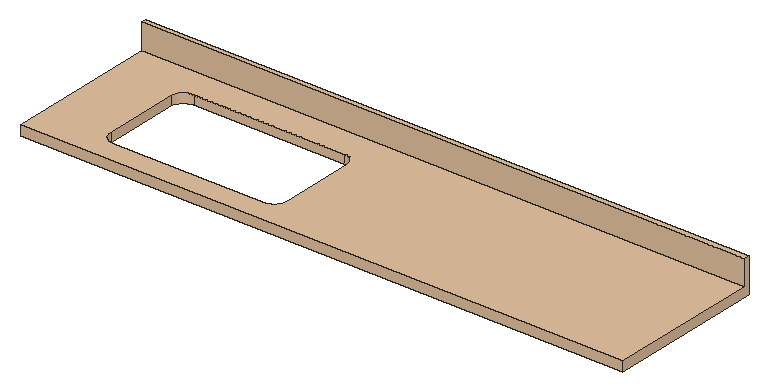
Revit family "394d2dc9d82849f6b33a607aba954b29", category Casework, Revit 2021
Family settings
  OmniClass Number = 23.40.35.17.47.11
  OmniClass Title = Kitchen Casework
  Seek Item ID = Counter Top w Sink Hole-0000-USA-ENU
  Work Plane-Based = No
  Always vertical = Yes
  Cut with Voids When Loaded = No
  Shared = Yes
  Room Calculation Point = No
Parameters (values of type "24" Depth")
  Default Elevation = 0' - 0"
  Assembly Code = "C1030400"
  Counter Thickness = 0' - 1 1/2"
  Counter Top Material = none
  Depth = 2' - 1"
  Height = 3' - 0"
  Length [instance] = 8' - 0"
  Sink Location [instance] = 2' - 0"
  Sink Location To Wall [instance] = 0' - 6"
  Sink Opening Depth [instance] = 1' - 3"
  Sink Opening Width [instance] = 2' - 3"
Reference planes (in)
  plane 1 "Back": y = 0
  plane 2: z = 0
  plane 3 "Left": x = -47.2623
  plane 4 "Right": x = 48.7377
  plane 5 "Front": y = -25
  plane 6 "Top": z = 36
  plane 7 "Top Of Cabinet": z = 34.5
  plane 8: y = -0.75
  plane 9: z = 40
  plane 10: x = -23.2623
  plane 11: y = -6
  plane 12: x = -9.7623
  plane 13: y = -21
  plane 14: x = -36.7623
  plane 15: y = -5.5
  plane 16: x = -9.2623
  plane 17: y = -21.5
  plane 18: x = -37.2623
Forms (in)
  Extrusion 1, solid, material <- "Counter Top Material"
    sketch origin (0, 0, 0) x (1, 0, 0) y (0, 1, 0)
      loop
        line (-47.2623, 0) -> (-47.2623, -25) -> (48.7377, -25) -> (48.7377, 0) -> (-47.2623, 0)
    from 34.5 to 36
  Extrusion 2, solid, material <- "Counter Top Material"
    sketch origin (0, 0, 0) x (1, 0, 0) y (0, 1, 0)
      loop
        line (48.7377, 0) -> (-47.2623, 0) -> (-47.2623, -0.75) -> (48.7377, -0.75) -> (48.7377, 0)
    from 36 to 40
  Extrusion 3, void
    sketch origin (0, 0, 0) x (1, 0, 0) y (0, 1, 0)
      loop
        arc (-35.2623, -5.5) -> (-36.67651, -6.08579) -> (-37.2623, -7.5) r 2
        line (-37.2623, -7.5) -> (-37.2623, -19.5)
        arc (-37.2623, -19.5) -> (-36.67651, -20.91421) -> (-35.2623, -21.5) r 2
        line (-35.2623, -21.5) -> (-11.2623, -21.5)
        arc (-11.2623, -21.5) -> (-9.84808, -20.91421) -> (-9.2623, -19.5) r 2
        line (-9.2623, -19.5) -> (-9.2623, -7.5)
        arc (-9.2623, -7.5) -> (-9.84808, -6.08579) -> (-11.2623, -5.5) r 2
        line (-11.2623, -5.5) -> (-35.2623, -5.5)
    from 34.5 to 36
Cuts and joins
  Extrusion 3 cuts Extrusion 1
  Extrusion 3 cuts Extrusion 2
  joined: Extrusion 1, Extrusion 2
Lines and regions (in)
  Masking region 1
    outline origin (0, 0, 34.5) x (0, -1, 0) y (1, 0, 0)
      loop
        line (0, -47.2623) -> (25, -47.2623) -> (25, 48.7377) -> (0, 48.7377) -> (0, -47.2623)
  symbolic lines, style "Counter Top"
    curve 1: line (-47.2623, -0.75, 34.5) -> (48.7377, -0.75, 34.5)
  symbolic lines, style "Sink Opening"
    curve 2: line (-34.7623, -6, 34.5) -> (-11.7623, -6, 34.5)
    curve 3: line (-36.7623, -19, 34.5) -> (-36.7623, -8, 34.5)
    curve 4: line (-11.7623, -21, 34.5) -> (-34.7623, -21, 34.5)
    curve 5: line (-9.7623, -8, 34.5) -> (-9.7623, -19, 34.5)
    curve 6: arc (-36.7623, -8, 34.5) -> (-36.17651, -6.58579, 34.5) -> (-34.7623, -6, 34.5) r 2
    curve 7: arc (-11.7623, -6, 34.5) -> (-10.34808, -6.58579, 34.5) -> (-9.7623, -8, 34.5) r 2
    curve 8: arc (-9.7623, -19, 34.5) -> (-10.34808, -20.41421, 34.5) -> (-11.7623, -21, 34.5) r 2
    curve 9: arc (-34.7623, -21, 34.5) -> (-36.17651, -20.41421, 34.5) -> (-36.7623, -19, 34.5) r 2
Dimensions and locks (in)
  "Depth": plane 5 "Front" to plane 1 "Back"
  "Length": plane 3 "Left" to plane 4 "Right"
  "Height": level to plane 6 "Top"
  "Counter Thickness": plane 7 "Top Of Cabinet" to plane 6 "Top"
  locked: plane 8 to plane 1 "Back" at 0.75
  plane 6 "Top" to plane 9 = 0' - 4"
  "Sink Opening Width": plane 14 to plane 12
  "Sink Opening Depth": plane 13 to plane 11
  "Sink Location": plane 3 "Left" to plane 10
  equal spacing: plane 14, plane 10, plane 12
  "Sink Location To Wall": plane 11 to plane 1 "Back"
  locked: plane 11 to plane 15 at 0.5
  locked: plane 17 to plane 13 at 0.5
  locked: plane 18 to plane 14 at 0.5
  locked: plane 12 to plane 16 at 0.5
  aligned and locked: plane 1 "Back" to Extrusion 1 sketch curve
  aligned and locked: plane 4 "Right" to Extrusion 1 sketch curve
  aligned and locked: Extrusion 1 sketch curve to plane 5 "Front"
  aligned and locked: Extrusion 1 sketch curve to plane 3 "Left"
  aligned and locked: Extrusion 1 to plane 6 "Top"
  aligned and locked: Extrusion 1 to plane 7 "Top Of Cabinet"
  aligned and locked: Extrusion 2 sketch curve to plane 1 "Back"
  aligned and locked: plane 8 to Extrusion 2 sketch curve
  aligned and locked: Extrusion 2 sketch curve to plane 4 "Right"
  aligned and locked: plane 3 "Left" to Extrusion 2 sketch curve
  aligned and locked: Extrusion 2 to plane 9
  aligned and locked: plane 6 "Top" to Extrusion 2
  aligned and locked: Extrusion 3 to plane 6 "Top"
  aligned and locked: Extrusion 1 to Extrusion 3
  aligned and locked: Extrusion 3 sketch curve to plane 15
  aligned and locked: plane 16 to Extrusion 3 sketch curve
  aligned and locked: Extrusion 3 sketch curve to plane 17
  aligned and locked: Extrusion 3 sketch curve to plane 18
  aligned and locked: plane 4 "Right" to Masking region 1 sketch curve
  aligned and locked: Masking region 1 sketch curve to plane 5 "Front"
  aligned and locked: plane 1 "Back" to Masking region 1 sketch curve
  aligned and locked: Masking region 1 sketch curve to plane 3 "Left"
Automatic sketch dimensions
  Extrusion 3 sketch curve to plane 14 = 0' - 1 1/2"  (x2)
  plane 11 to Extrusion 3 sketch curve = 0' - 1 1/2"
  plane 12 to Extrusion 3 sketch curve = 0' - 1 1/2"
  curve 1 to plane 4 "Right" = 0' - 0"
  curve 1 to plane 8 = 0' - 0"
  curve 1 to plane 3 "Left" = 0' - 0"
  curve 7 to plane 11 = 0' - 0"
  curve 3 to plane 14 = 0' - 0"
  curve 7 to plane 12 = 0' - 0"
  curve 8 to plane 13 = 0' - 0"
  curve 2 to curve 7 = 0' - 2"
  plane 11 to curve 3 = 0' - 2"
  curve 5 to plane 13 = 0' - 2"
  curve 9 to plane 13 = 0' - 2"
